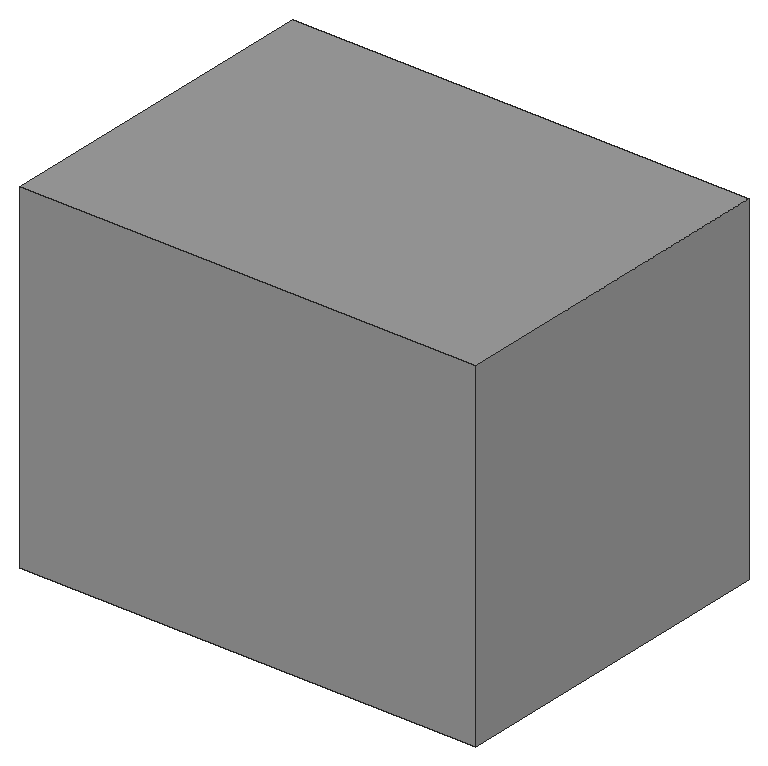
Revit family "Pull Box", category Electrical Fixtures, Revit 2022
Family settings
  Round Connector Dimension = Use Diameter
  Part Type = Normal
  OmniClass Number = 23.80.00.00
  OmniClass Title = Electric Power and Lighting
  Work Plane-Based = No
  Always vertical = Yes
  Cut with Voids When Loaded = No
  Maintain Annotation Orientation = No
  Shared = No
  Room Calculation Point = No
Parameters
  c [instance] = 30 mm
  b [instance] = 30 mm
  a [instance] = 40 mm
  SubSquare [instance] = 40 mm
  LargeSquare [instance] = 200 mm
  Default Elevation = 0 mm
Reference planes
  plane 1 "Center (Front/Back)": y = 0
  plane 2: z = 0
  plane 3 "Center (Left/Right)": x = 0
  plane 4: y = 15
  plane 5: y = -15
  plane 6: x = -20
  plane 7: x = 20
Forms (mm)
  Extrusion 1, solid, material "Default"
    sketch origin (0, 0, 0) x (1, 0, 0) y (0, 1, 0)
      loop
        line (-20, 15) -> (-20, -15) -> (20, -15) -> (20, 15) -> (-20, 15)
    from 0 to 30
Lines and regions (mm)
  reference lines
    curve 1: line (276.153, 0, 30) -> (-308.847, 0, 30)
  model lines, style "Pull Box Line"
    curve 2: line (-20, 15, 0) -> (20, -15, 0)
    curve 3: line (20, 15, 0) -> (-20, -15, 0)
Dimensions and locks
  equal spacing: plane 6, plane 3 "Center (Left/Right)", plane 7
  "SubSquare": plane 6 to plane 7
  equal spacing: plane 4, plane 1 "Center (Front/Back)", plane 5
  "a": Extrusion 1 to Extrusion 1
  "b": Extrusion 1 to Extrusion 1
  "c": Extrusion 1 to Extrusion 1
  aligned and locked: level to plane 2
  aligned and locked: Extrusion 1 sketch curve to plane 4
  aligned and locked: plane 6 to Extrusion 1 sketch curve
  aligned and locked: plane 5 to Extrusion 1 sketch curve
  aligned and locked: Extrusion 1 sketch curve to plane 7
  aligned and locked: Extrusion 1 to curve 1
Automatic sketch dimensions
  curve 3 to plane 5 = 0 mm
  curve 3 to plane 6 = 0 mm
  curve 2 to plane 4 = 0 mm
  curve 2 to plane 6 = 0 mm
  curve 3 to plane 4 = 0 mm
  curve 3 to plane 7 = 0 mm
  curve 2 to plane 5 = 0 mm
  curve 2 to plane 7 = 0 mm
  level to curve 1 = 30 mm
  curve 1 to plane 6 = 288.847 mm
  plane 7 to curve 1 = 256.153 mm
Connectors
  cabletrayconduit at (0, 0, 30), diameter 16
    settings: on Extrusion 1, index 1, connector width 300 mm, connector height 300 mm, connector angle 0.00°, system type 32, placement type 0, profile type 0, connector reference index -1, is primary connector yes, connector utility param no, connector description "Top"
  cabletrayconduit at (0, 15, 15), diameter 16
    settings: on Extrusion 1, index 2, connector width 300 mm, connector height 300 mm, connector angle 0.00°, system type 32, placement type 0, profile type 0, connector reference index -1, is primary connector no, connector utility param no, connector description "Back"
  cabletrayconduit at (0, -15, 15), diameter 16
    settings: on Extrusion 1, index 3, connector width 300 mm, connector height 300 mm, connector angle 0.00°, system type 32, placement type 0, profile type 0, connector reference index -1, is primary connector no, connector utility param no, connector description "Front"
  cabletrayconduit at (-20, 0, 15), diameter 16
    settings: on Extrusion 1, index 4, connector width 300 mm, connector height 300 mm, connector angle 0.00°, system type 32, placement type 0, profile type 0, connector reference index -1, is primary connector no, connector utility param no, connector description "Left"
  cabletrayconduit at (20, 0, 15), diameter 16
    settings: on Extrusion 1, index 5, connector width 300 mm, connector height 300 mm, connector angle 0.00°, system type 32, placement type 0, profile type 0, connector reference index -1, is primary connector no, connector utility param no, connector description "Right"
  cabletrayconduit at (0, 0, 0), diameter 16
    settings: on Extrusion 1, index 6, connector width 300 mm, connector height 300 mm, connector angle 0.00°, system type 32, placement type 0, profile type 0, connector reference index -1, is primary connector no, connector utility param no, connector description "Bottom"
